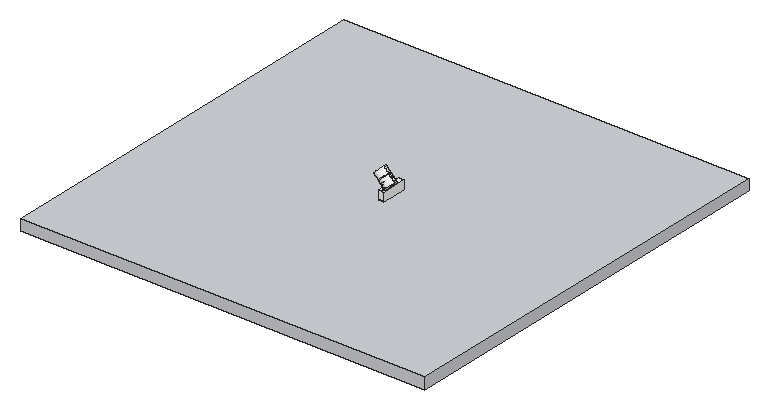
Revit family "Zumtobel VIVO XS", category Lighting Fixtures, host Face, Revit 2016
Family settings
  Host = Face
  Part Type = Normal
  Round Connector Dimension = Use Diameter
  OmniClass Number = 23.80.70.11
  OmniClass Title = Luminaries for Internal Lighting
  Cut with Voids When Loaded = No
  Light Source = No
  Shared = No
  Room Calculation Point = No
Parameters (values of type "VIVO XS LED1400-930 DIM 3CV FL-S WHM")
  Width = 150.00 mm  # constant formula
  Voltage = 230 V
  URL = "http://www.zumtobel.com/60715143"
  Type Comments = "© Zumtobel. We reserve the right to make technical changes without prior notice."  # constant formula
  Model = "60715143"
  Manufacturer = "Zumtobel Lighting"  # constant formula
  Length = 67.00 mm  # constant formula
  Lamp = "LED"
  Height = 180.00 mm  # constant formula
  Emit Shape Visible in Rendering = yes
  Description = "Spotlight - Small"
  Body [instance] = Zumtobel_Metal_White
  Apparent Load = 22 VA
  Angle [instance] = 45.00°
  Rotation [instance] = 90.00°
  Default Elevation = 0.00 mm
  Assembly Code = "D5020200"
  Converter [instance] = Zumtobel_Metal_White
Reference planes
  plane 1 "Center (Front/Back)": y = 0
  plane 2: z = 0
  plane 3 "Center (Left/Right)": x = 0
  plane 4: z = 155
Forms (mm)
  Extrusion 1, solid
    sketch origin (0, 0, 0) x (1, 0, 0) y (0, 1, 0)
      loop
        line (-1219.2, 1219.2) -> (-1219.2, -1219.2) -> (1219.2, -1219.2) -> (1219.2, 1219.2) -> (-1219.2, 1219.2)
    from 0 to -66.193
  Extrusion 2, solid, material "Zumtobel_Metal_White" <- "Body"
    sketch origin (0, -500, 0) x (1, 0, 0) y (0, 1, 0)
      loop
        circle (0, 500) r 6
    from 50 to 104.752
  Extrusion 3, solid, material "Zumtobel_Metal_White" <- "Converter"
    sketch origin (0, -270, 0) x (0, 1, 0) y (0, 0, 1)
      loop
        line (397, 50) -> (247, 50) -> (247, 0) -> (295.5, 0) -> (397, 0) -> (397, 50)
    from -17 to 17
  Extrusion 4, solid, material "Zumtobel_Metal_White" <- "Converter"
    sketch origin (0, -270, 0) x (0, 1, 0) y (0, 0, 1)
      loop
        line (397, -25) -> (397, 0) -> (295.5, 0) -> (247, 0) -> (247, -25) -> (397, -25)
    from -8 to 8
Lines and regions (mm)
  reference lines
    curve 1: line (901.7, 0, 0) -> (0, 0, 0)
Dimensions and locks
  "Rotation": angle curve 1 to plane 3 "Center (Left/Right)"
  aligned and locked: plane 2 to Extrusion 1
  aligned and locked: level to Extrusion 1
  aligned and locked: plane 1 "Center (Front/Back)" to curve 1
  aligned and locked: plane 3 "Center (Left/Right)" to curve 1
  aligned: nested 1 to plane 1 "Center (Front/Back)"  (x2)
  aligned: curve 1 to nested 1
  aligned and locked: curve 1 to nested 1
Automatic sketch dimensions
  Extrusion 1 sketch curve to Extrusion 1 sketch curve = 2438.40 mm  (x2)
  plane 1 "Center (Front/Back)" to Extrusion 2 sketch curve = 0.00 mm
  Extrusion 2 sketch curve to plane 3 "Center (Left/Right)" = 0.00 mm
  Extrusion 3 sketch curve to level = 0.00 mm
  plane 1 "Center (Front/Back)" to Extrusion 3 sketch curve = 23.00 mm
  Extrusion 3 sketch curve to plane 1 "Center (Front/Back)" = 25.50 mm
  level to Extrusion 3 sketch curve = 50.00 mm
  Extrusion 3 sketch curve to Extrusion 3 sketch curve = 101.50 mm
  Extrusion 4 sketch curve to level = 0.00 mm
  plane 1 "Center (Front/Back)" to Extrusion 4 sketch curve = 23.00 mm
  Extrusion 4 sketch curve to plane 1 "Center (Front/Back)" = 25.50 mm
  Extrusion 4 sketch curve to level = 25.00 mm
  Extrusion 4 sketch curve to Extrusion 4 sketch curve = 101.50 mm
  radius of Extrusion 2 sketch curve = 6.00 mm
Nested families
  nested 1: "Zumtobel VIVO XS Body" at (150.625, -200, 106.452) x (0, -1, 0) z (0, 0, -1), Angle <- "Angle", Body <- "Body", type "VIVO XS LED1400-930 DIM 3CV FL-S WHM"
    with Body Zumtobel_Metal_White, Angle 45.00°
Connectors
  electrical at (0, 0, 0), driven by "Apparent Load", driven by "Voltage"
    settings: index 1, voltage 230 V, apparent load 0 VA, apparent load phase1 22 VA, apparent load phase2 0 VA, apparent load phase3 0 VA, power factor 1, load classification "Lighting", number of poles 1, system type 31, power factor state 1, is connector primary yes, connector utility no, sub classification motor no, connector description ""
Definition of nested family "Zumtobel VIVO XS Body"
  Parameters (values of type "VIVO XS LED1400-930 DIM 3CV FL-S WHM")
    Wattage = 5.84347 W
    built-in parameter 1150110 = 1 (stored number, unit not read)
    URL = ""
    built-in parameter 1114217 = 1 (stored number, unit not read)
    Tilt Angle = 60.00°
    built-in parameter 1150109 = 1 (stored number, unit not read)
    built-in parameter 1150134 = (empty or 0)
    built-in parameter 1150113 = 1 (stored number, unit not read)
    Photometric Web File = "ST5860.IES"
    Model = ""
    Manufacturer = "Zumtobel Lighting"  # constant formula
    built-in parameter 1150105 = 69.073 (stored number, unit not read)
    Lumens = 868 lm
    built-in parameter 1150115 = 1 (stored number, unit not read)
    built-in parameter 1150137 = (empty or 0)
    built-in parameter 1150139 = (empty or 0)
    built-in parameter 1150112 = 1 (stored number, unit not read)
    built-in parameter 1150114 = 1 (stored number, unit not read)
    Lamp = ""
    built-in parameter 1150132 = 2
    built-in parameter 1150102 = (empty or 0)
    built-in parameter 1150107 = 3000 (stored number, unit not read)
    built-in parameter 1150138 = (empty or 0)
    built-in parameter 1150106 = 0.69073 (stored number, unit not read)
    built-in parameter 1150104 = 13.8 (stored number, unit not read)
    Dimming Lamp Color Temperature Shift = (empty or 0)
    Description = "Zumtobel VIVO XS Body"  # constant formula
    Default Elevation = 0.00 mm
    Color Filter = 16777215
    Body [instance] = none
    built-in parameter 1114218 = 1 (stored number, unit not read)
    built-in parameter 1150133 = 10 (stored number, unit not read)
    Assembly Code = ""
    Apparent Load = 0 VA
    Angle [instance] = 90.00°
  Reference planes
    plane 1 "Top": z = 0
    plane 2 "Center (Front/Back)": y = -155
    plane 3 "Center (Left/Right)": x = -200
    plane 4: y = -139.952
    plane 5: z = 47.952
    plane 6: z = -47.048
    plane 7: y = -106.452
    plane 8 "b": y = -173.452
    plane 9: y = -99.952
    plane 10 "a": y = -179.952
  Forms (mm)
    Revolve 1, solid, material <- "Body"
      sketch origin (-200, -155, 0) x (0, 0, -1) y (0, 1, 0)
        loop
          line (3.985, -18.452) -> (3.985, -15.91) -> (6.485, -15.91) -> (6.485, -18.452) -> (46.958, -18.452) -> (46.958, -14.583) -> (38.869, -11.488) -> (38.869, 15.048) -> (-47.952, 15.048) -> (-47.952, -18.452) -> (3.985, -18.452)
        axis (46.958, 15.048) -> (-47.952, 15.048)
      angle from 0 to 360
    Extrusion 2, void
      sketch origin (-200, -155, 0) x (0, 0, 1) y (0, 1, 0)
        loop
          line (5.805, 0) -> (5.805, -42.477) -> (54.926, -42.477) -> (54.926, 0) -> (5.805, 0)
      from -9 to 9
    Sweep 3, void
      path origin (-200, -155, 0) x (0, 0, -1) y (0, 1, 0)
        loop
          line (-47.952, 0) -> (-5.805, 0) -> (-5.805, -24.952)
      profile "Cut Profile 1 : Cut Profile 1" origin (-200, -155, 26.879) x (0, 1, 0) y (1, 0, 0)
        loop
          line (0, 9) -> (0, -9)
          arc (0, -9) -> (9, 0) -> (0, 9) r 9
    Sweep 4, void
      path origin (-200, -155, 0) x (0, 0, -1) y (0, 1, 0)
        loop
          line (-47.952, 0) -> (-12.952, 0)
      profile "Cut Profile 2 : Cut Profile 2" origin (-200, -155, 30.452) x (0, 1, 0) y (1, 0, 0)
        loop
          arc (8.878, -30.794) -> (11.531, -31.209) -> (14.21, -31.395) r 31.406
          line (14.21, -31.395) -> (14.21, -20.921)
          arc (14.21, -20.921) -> (12.703, -20.806) -> (11.209, -20.583) r 20.938
          line (11.209, -20.583) -> (8.878, -30.794)
        loop
          arc (2.18, -28.649) -> (4.675, -29.644) -> (7.245, -30.422) r 31.406
          line (7.245, -30.422) -> (9.576, -20.21)
          arc (9.576, -20.21) -> (8.132, -19.763) -> (6.725, -19.212) r 20.938
          line (6.725, -19.212) -> (2.18, -28.649)
        loop
          arc (-3.872, -25.068) -> (-1.662, -26.592) -> (0.671, -27.923) r 31.406
          line (0.671, -27.923) -> (5.216, -18.486)
          arc (5.216, -18.486) -> (3.908, -17.728) -> (2.659, -16.879) r 20.938
          line (2.659, -16.879) -> (-3.872, -25.068)
        loop
          arc (-8.976, -20.229) -> (-7.16, -22.208) -> (-5.182, -24.023) r 31.406
          line (-5.182, -24.023) -> (1.349, -15.834)
          arc (1.349, -15.834) -> (0.243, -14.805) -> (-0.787, -13.699) r 20.938
          line (-0.787, -13.699) -> (-8.976, -20.229)
        loop
          arc (-12.875, -14.376) -> (-11.545, -16.709) -> (-10.02, -18.92) r 31.406
          line (-10.02, -18.92) -> (-1.831, -12.389)
          arc (-1.831, -12.389) -> (-2.681, -11.139) -> (-3.438, -9.832) r 20.938
          line (-3.438, -9.832) -> (-12.875, -14.376)
        loop
          line (-14.851, 9.613) -> (-6.845, 9.613) -> (-13.602, 12.867)
          arc (-13.602, 12.867) -> (-14.272, 11.258) -> (-14.851, 9.613) r 31.406
        loop
          line (8.878, 30.794) -> (11.209, 20.583)
          arc (11.209, 20.583) -> (12.703, 20.806) -> (14.21, 20.921) r 20.938
          line (14.21, 20.921) -> (14.21, 31.395)
          arc (14.21, 31.395) -> (11.531, 31.209) -> (8.878, 30.794) r 31.406
        loop
          line (2.18, 28.649) -> (6.725, 19.212)
          arc (6.725, 19.212) -> (8.132, 19.763) -> (9.576, 20.21) r 20.938
          line (9.576, 20.21) -> (7.245, 30.422)
          arc (7.245, 30.422) -> (4.675, 29.644) -> (2.18, 28.649) r 31.406
        loop
          line (-3.872, 25.068) -> (2.659, 16.879)
          arc (2.659, 16.879) -> (3.908, 17.728) -> (5.216, 18.486) r 20.938
          line (5.216, 18.486) -> (0.671, 27.923)
          arc (0.671, 27.923) -> (-1.662, 26.592) -> (-3.872, 25.068) r 31.406
        loop
          line (-8.976, 20.229) -> (-0.787, 13.699)
          arc (-0.787, 13.699) -> (0.243, 14.805) -> (1.349, 15.834) r 20.938
          line (1.349, 15.834) -> (-5.182, 24.023)
          arc (-5.182, 24.023) -> (-7.16, 22.208) -> (-8.976, 20.229) r 31.406
        loop
          line (-1.831, 12.389) -> (-10.02, 18.92)
          arc (-10.02, 18.92) -> (-11.545, 16.709) -> (-12.875, 14.376) r 31.406
          line (-12.875, 14.376) -> (-3.438, 9.832)
          arc (-3.438, 9.832) -> (-2.681, 11.139) -> (-1.831, 12.389) r 20.938
        loop
          line (21.217, -30.794) -> (18.886, -20.583)
          arc (18.886, -20.583) -> (17.392, -20.806) -> (15.885, -20.921) r 20.938
          line (15.885, -20.921) -> (15.885, -31.395)
          arc (15.885, -31.395) -> (18.564, -31.209) -> (21.217, -30.794) r 31.406
        loop
          line (27.915, -28.649) -> (23.37, -19.212)
          arc (23.37, -19.212) -> (21.963, -19.763) -> (20.519, -20.21) r 20.938
          line (20.519, -20.21) -> (22.85, -30.422)
          arc (22.85, -30.422) -> (25.42, -29.644) -> (27.915, -28.649) r 31.406
        loop
          line (33.967, -25.068) -> (27.437, -16.879)
          arc (27.437, -16.879) -> (26.187, -17.728) -> (24.879, -18.486) r 20.938
          line (24.879, -18.486) -> (29.424, -27.923)
          arc (29.424, -27.923) -> (31.757, -26.592) -> (33.967, -25.068) r 31.406
        loop
          line (39.071, -20.229) -> (30.882, -13.699)
          arc (30.882, -13.699) -> (29.853, -14.805) -> (28.746, -15.834) r 20.938
          line (28.746, -15.834) -> (35.277, -24.023)
          arc (35.277, -24.023) -> (37.255, -22.208) -> (39.071, -20.229) r 31.406
        loop
          line (42.97, -14.376) -> (33.533, -9.832)
          arc (33.533, -9.832) -> (32.776, -11.139) -> (31.926, -12.389) r 20.938
          line (31.926, -12.389) -> (40.115, -18.92)
          arc (40.115, -18.92) -> (41.64, -16.709) -> (42.97, -14.376) r 31.406
        loop
          line (45.469, -7.803) -> (35.257, -5.472)
          arc (35.257, -5.472) -> (34.81, -6.915) -> (34.26, -8.323) r 20.938
          line (34.26, -8.323) -> (43.697, -12.867)
          arc (43.697, -12.867) -> (44.691, -10.373) -> (45.469, -7.803) r 31.406
        loop
          line (35.63, -3.839) -> (45.842, -6.17)
          arc (45.842, -6.17) -> (46.256, -3.516) -> (46.443, -0.838) r 31.406
          line (46.443, -0.838) -> (35.968, -0.838)
          arc (35.968, -0.838) -> (35.853, -2.344) -> (35.63, -3.839) r 20.938
        loop
          line (-6.845, -9.613) -> (-14.851, -9.613)
          arc (-14.851, -9.613) -> (-14.272, -11.258) -> (-13.602, -12.867) r 31.406
          line (-13.602, -12.867) -> (-6.845, -9.613)
        loop
          arc (21.217, 30.794) -> (18.564, 31.209) -> (15.885, 31.395) r 31.406
          line (15.885, 31.395) -> (15.885, 20.921)
          arc (15.885, 20.921) -> (17.392, 20.806) -> (18.886, 20.583) r 20.938
          line (18.886, 20.583) -> (21.217, 30.794)
        loop
          arc (27.915, 28.649) -> (25.42, 29.644) -> (22.85, 30.422) r 31.406
          line (22.85, 30.422) -> (20.519, 20.21)
          arc (20.519, 20.21) -> (21.963, 19.763) -> (23.37, 19.212) r 20.938
          line (23.37, 19.212) -> (27.915, 28.649)
        loop
          arc (33.967, 25.068) -> (31.757, 26.592) -> (29.424, 27.923) r 31.406
          line (29.424, 27.923) -> (24.879, 18.486)
          arc (24.879, 18.486) -> (26.187, 17.728) -> (27.437, 16.879) r 20.938
          line (27.437, 16.879) -> (33.967, 25.068)
        loop
          arc (39.071, 20.229) -> (37.255, 22.208) -> (35.277, 24.023) r 31.406
          line (35.277, 24.023) -> (28.746, 15.834)
          arc (28.746, 15.834) -> (29.853, 14.805) -> (30.882, 13.699) r 20.938
          line (30.882, 13.699) -> (39.071, 20.229)
        loop
          arc (42.97, 14.376) -> (41.64, 16.709) -> (40.115, 18.92) r 31.406
          line (40.115, 18.92) -> (31.926, 12.389)
          arc (31.926, 12.389) -> (32.776, 11.139) -> (33.533, 9.832) r 20.938
          line (33.533, 9.832) -> (42.97, 14.376)
        loop
          arc (45.469, 7.803) -> (44.691, 10.373) -> (43.697, 12.867) r 31.406
          line (43.697, 12.867) -> (34.26, 8.323)
          arc (34.26, 8.323) -> (34.81, 6.915) -> (35.257, 5.472) r 20.938
          line (35.257, 5.472) -> (45.469, 7.803)
        loop
          arc (35.63, 3.839) -> (35.853, 2.344) -> (35.968, 0.837) r 20.938
          line (35.968, 0.837) -> (46.443, 0.838)
          arc (46.443, 0.838) -> (46.256, 3.516) -> (45.842, 6.17) r 31.406
          line (45.842, 6.17) -> (35.63, 3.839)
  Cuts and joins
    Extrusion 2, Sweep 3, Sweep 4 cuts Revolve 1
  Lines and regions (mm)
    reference lines
      curve 1: line (-200, -155, 0) -> (-200, -155, -38.869)
      curve 2: line (-200, -139.952, -38.869) -> (-200, -155, -38.869)
  Dimensions and locks
    "Angle": angle curve 1 to plane 1 "Top"
    aligned and locked: level to plane 1 "Top"
    aligned and locked: plane 1 "Top" to curve 1
    aligned and locked: plane 2 "Center (Front/Back)" to curve 1
    aligned: imposter light to curve 2  (x3)
    aligned and locked: imposter light to curve 2  (x2)
    aligned and locked: Sweep 3 sketch curve to curve 1
    aligned: cut or joined group of Revolve 1, Extrusion 2, Sweep 3, Sweep 4 to cut or joined group of Revolve 1, Extrusion 2, Sweep 3, Sweep 4
    aligned and locked: Sweep 4 sketch curve to curve 1
  Automatic sketch dimensions
    Extrusion 2 sketch curve to curve 1 = 0.00 mm
    curve 1 to Extrusion 2 sketch curve = 5.805 mm
    curve 1 to Extrusion 2 sketch curve = 54.926 mm
    Extrusion 2 sketch curve to curve 1 = 42.477 mm
    Sweep 3 sketch curve to curve 1 = 47.952 mm
    Sweep 3 sketch curve to curve 1 = 5.805 mm
    Sweep 3 sketch curve to curve 1 = 24.952 mm
    Revolve 1 sketch curve to curve 1 = 0.00 mm
    Revolve 1 sketch curve to curve 1 = 11.488 mm
    curve 1 to Revolve 1 sketch curve = 6.485 mm
    Revolve 1 sketch curve to Revolve 1 sketch curve = 2.50 mm
    Revolve 1 sketch curve to curve 1 = 47.952 mm
    Revolve 1 sketch curve to Revolve 1 sketch curve = 10.00 mm
    Revolve 1 sketch curve to Revolve 1 sketch curve = 22.00 mm
    curve 1 to Revolve 1 sketch curve = 8.088 mm
    Revolve 1 sketch curve to curve 1 = 14.583 mm
    Revolve 1 sketch curve to curve 1 = 15.91 mm
    Revolve 1 sketch curve to Revolve 1 sketch curve = 2.542 mm
    Revolve 1 sketch curve to Revolve 1 sketch curve = 3.869 mm
    Revolve 1 sketch curve to Revolve 1 sketch curve = 0.00 mm
    curve 1 to Revolve 1 sketch curve = 15.048 mm
    curve 2 to curve 1 = 0.00 mm  (x2)
    curve 1 to curve 2 = 15.048 mm
    Sweep 4 sketch curve to curve 1 = 47.952 mm
    Sweep 4 sketch curve to curve 1 = 12.952 mm
